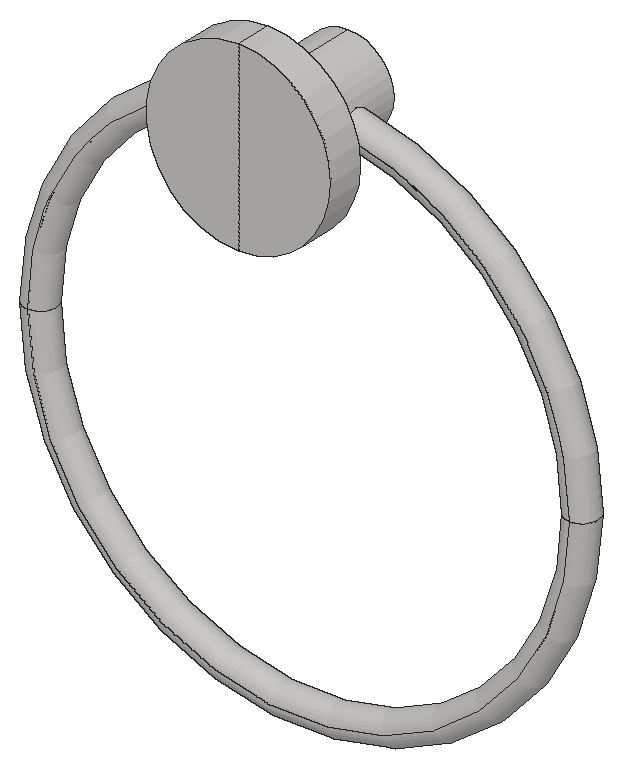
Revit family "SA-2703", category Plumbing Fixtures, host Wall, Revit 2023
Family settings
  Host = Wall
  Round Connector Dimension = Use Diameter
  Part Type = Normal
  OmniClass Number = 23.45.00.00
  OmniClass Title = Sanitary, Laundry, and Cleaning Equipment
  Enable Cutting in Views = No
  Always vertical = Yes
  Cut with Voids When Loaded = No
  Maintain Annotation Orientation = No
  Shared = No
  Room Calculation Point = No
Parameters
  Default Elevation = 0' - 0"
Reference planes (in)
  plane 1: y = 0
  plane 2 "Center (Left/Right)": x = -0.47711
  plane 3 "Back": y = 3
  plane 4: z = 36
  plane 5: z = 37.09375
  plane 6: z = 34.90625
  plane 7: y = 4.625
  plane 8: y = 3.4375
  plane 9: z = 29.53125
Forms (in)
  Revolve 1, solid, material "Metal Finish"
    sketch origin (-0.47711, 0, 0) x (0, 1, 0) y (0, 0, 1)
      loop
        line (3, 36) -> (4.625, 36) -> (4.625, 36.53793) -> (3.4375, 36.53793) -> (3.4375, 37.09375) -> (3, 37.09375) -> (3, 36)
      axis (3, 36) -> (4.625, 36)
    angle from 0 to 360
  Sweep 2, solid, material "Metal Finish"
    path origin (-60, 3, 0) x (-1, 0, 0) y (0, 0, 1)
      loop
        circle (-59.52289, 32.76562) r 3.25
    profile origin (-0.47711, 3, 36.01562) x (0, 0, -1) y (0, 1, 0)
      loop
        circle (0.03868, 1.08063) r 0.1875
Cuts and joins
  joined: Revolve 1, Sweep 2
Text (in)
  text "Placement Side" at (0, 40.15149, 123.01588), in view "Right"
  text "Placement Side" at (-70.3804, 45.82615, 0), in view "Ref. Level"
  text "Placement Side" at (0, 47.49176, 113.10569), in view "Left"
Dimensions and locks (in)
  locked: plane 3 "Back" to host wall
  plane 7 to plane 3 "Back" = 0' - 1 5/8"
  plane 8 to plane 3 "Back" = 0' - 0 7/16"
  plane 5 to plane 9 = 0' - 7 9/16"
  aligned and locked: plane 7 to Revolve 1
  aligned and locked: plane 3 "Back" to Revolve 1
  aligned and locked: plane 8 to Revolve 1
